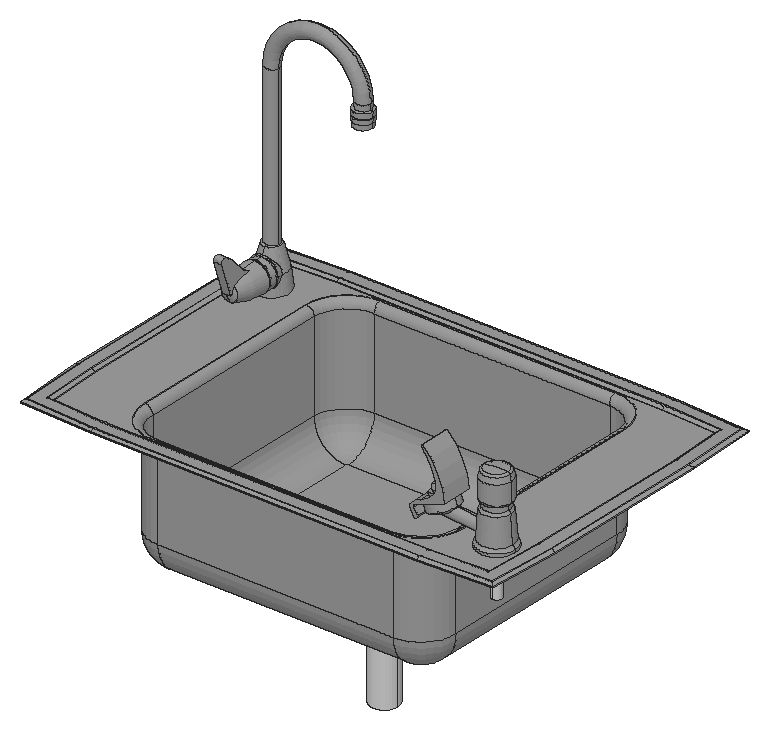
Revit family "equip-sink-clsrm-elkay-s-celebrity-cdkrad2517-vrc", category Plumbing Fixtures, Revit 2019 (continued)
Definition of nested family "equip-faucet-elkay-LKD208513-L"
  Automatic sketch dimensions
    curve 14 to curve 5 = 0' - 0"
    curve 5 to curve 13 = 0' - 0 3/4"
    curve 4 to curve 13 = 0' - 0"
    Sweep 1 sketch curve to plane 1 "Center (Front/Back)" = 0' - 0"
    Sweep 1 sketch curve to Sweep 1 sketch curve = 0' - 2 3/8"
    plane 5 "Masking Region" to Sweep 1 sketch curve = 0' - 0 7/8"
    plane 5 "Masking Region" to Sweep 1 sketch curve = 0' - 8.3441"
    Sweep 1 sketch curve to Sweep 1 sketch curve = 0' - 0.78036"
    Sweep 1 sketch curve to plane 3 "Center (Left/Right)" = 0' - 0"
    Sweep 1 sketch curve to profile plane = 0' - 0"
    Revolve 2 sketch curve to Revolve 2 sketch curve = 0' - 0"  (x3)
    Revolve 2 sketch curve to level = 0' - 0"  (x2)
    Revolve 2 sketch curve to plane 3 "Center (Left/Right)" = 0' - 0"  (x2)
    Revolve 2 sketch curve to level = 0' - 0.23614"
    Revolve 2 sketch curve to plane 3 "Center (Left/Right)" = 0' - 6.12077"
    plane 3 "Center (Left/Right)" to Revolve 2 sketch curve = 0' - 0.29525"
    Revolve 2 sketch curve to Revolve 2 sketch curve = 0' - 0.17375"
    Revolve 2 sketch curve to plane 5 "Masking Region" = 0' - 0.28404"
    plane 3 "Center (Left/Right)" to Revolve 2 sketch curve = 0' - 0.77524"
    Revolve 2 sketch curve to Revolve 2 sketch curve = 0' - 0.107"
    Revolve 3 sketch curve to Revolve 3 sketch curve = 0' - 0.01732"
    Revolve 3 sketch curve to Revolve 3 sketch curve = 0' - 0"  (x3)
    Revolve 3 sketch curve to Revolve 3 sketch curve = 0' - 0.0035"
    Revolve 3 sketch curve to Revolve 3 sketch curve = 0' - 0.03176"
    Revolve 3 sketch curve to Revolve 3 sketch curve = 0' - 0.085"
    Revolve 3 sketch curve to Revolve 3 sketch curve = 0' - 0.22789"
    Revolve 3 sketch curve to Revolve 3 sketch curve = 0' - 0.30543"
    plane 5 "Masking Region" to Revolve 3 sketch curve = 0' - 8.01525"
    Revolve 3 sketch curve to Revolve 3 sketch curve = 0' - 0.265"
    Revolve 3 sketch curve to Revolve 3 sketch curve = 0' - 0.185"
    Revolve 3 sketch curve to Revolve 3 sketch curve = 0' - 0.05968"
    Revolve 3 sketch curve to Revolve 3 sketch curve = 0' - 0.096"
    Revolve 3 sketch curve to Revolve 3 sketch curve = 0' - 0.23"
    Revolve 3 sketch curve to Revolve 3 sketch curve = 0' - 0.14661"
    Masking region 1 sketch curve to plane 3 "Center (Left/Right)" = 0' - 0"
    Masking region 1 sketch curve to plane 1 "Center (Front/Back)" = 0' - 0.00168"
    plane 3 "Center (Left/Right)" to Masking region 1 sketch curve = 0' - 0"
    plane 1 "Center (Front/Back)" to Masking region 1 sketch curve = 0' - 0.00168"
    plane 1 "Center (Front/Back)" to Masking region 2 sketch curve = 0' - 0"
    plane 1 "Center (Front/Back)" to curve 9 = 0' - 0"
    curve 9 to plane 3 "Center (Left/Right)" = 0' - 0"
    plane 6 "CL Back Conn" to curve 20 = 0' - 0.27501"
    curve 20 to curve 19 = 0' - 0"  (x2)
    plane 6 "CL Back Conn" to curve 21 = 0' - 0.39804"
    curve 21 to curve 21 = 0' - 0.14744"
    curve 9 to plane 7 "CL Front Conn" = 0' - 0.0783"  (x2)
    curve 19 to plane 7 "CL Front Conn" = 0' - 0.27499"
    curve 9 to curve 18 = 0' - 0.31973"
    curve 18 to curve 18 = 0' - 0.14744"
    curve 9 to plane 3 "Center (Left/Right)" = 0' - 0 3/8"
    curve 18 to curve 9 = 0' - 0.20061"
    curve 21 to plane 3 "Center (Left/Right)" = 0' - 0.57561"
    curve 19 to curve 18 = 0' - 0.44464"
    curve 20 to curve 19 = 0' - 0.11475"
    Masking region 3 sketch curve to plane 3 "Center (Left/Right)" = 0' - 1.06891"  (x2)
    Masking region 3 sketch curve to Masking region 3 sketch curve = 0' - 0.01748"
    Masking region 3 sketch curve to Masking region 3 sketch curve = 0' - 0.02693"
    Masking region 3 sketch curve to Masking region 3 sketch curve = 0' - 0.06211"  (x2)
    Masking region 3 sketch curve to Masking region 3 sketch curve = 0' - 0.01698"  (x2)
    Masking region 3 sketch curve to Masking region 3 sketch curve = 0' - 0.22302"  (x2)
    plane 6 "CL Back Conn" to Masking region 3 sketch curve = 0' - 0.18897"
    Masking region 3 sketch curve to plane 6 "CL Back Conn" = 0' - 0 11/256"
    plane 1 "Center (Front/Back)" to Masking region 3 sketch curve = 0' - 0.00066"
    plane 7 "CL Front Conn" to Masking region 3 sketch curve = 0' - 0 11/256"
    Masking region 3 sketch curve to plane 7 "CL Front Conn" = 0' - 0.18896"
    Masking region 3 sketch curve to plane 7 "CL Front Conn" = 0' - 0.27499"
    Masking region 3 sketch curve to Masking region 3 sketch curve = 0' - 0.01801"
    Masking region 3 sketch curve to Masking region 3 sketch curve = 0' - 0.04464"
    Masking region 3 sketch curve to plane 3 "Center (Left/Right)" = 0' - 1.135"
    Masking region 3 sketch curve to Masking region 3 sketch curve = 0' - 0"
    Masking region 3 sketch curve to Masking region 3 sketch curve = 0' - 0.1075"
    Masking region 3 sketch curve to Masking region 3 sketch curve = 0' - 0.11475"  (x2)
    Masking region 3 sketch curve to Masking region 3 sketch curve = 0' - 0.3843"  (x2)
    Masking region 3 sketch curve to Masking region 3 sketch curve = 0' - 0.00045"  (x2)
    Masking region 3 sketch curve to Masking region 3 sketch curve = 0' - 0.17658"
    Masking region 3 sketch curve to Masking region 3 sketch curve = 0' - 0.17856"
    Masking region 4 sketch curve to plane 6 "CL Back Conn" = 0' - 0 11/256"
    plane 7 "CL Front Conn" to Masking region 4 sketch curve = 0' - 0 11/256"
    Masking region 4 sketch curve to plane 3 "Center (Left/Right)" = 0' - 3.51977"
    Masking region 4 sketch curve to plane 3 "Center (Left/Right)" = 0' - 1.40178"
    Masking region 3 sketch curve to plane 1 "Center (Front/Back)" = 0' - 0.525"
    Masking region 3 sketch curve to Masking region 3 sketch curve = 0' - 0.00281"  (x2)
    Masking region 3 sketch curve to Masking region 3 sketch curve = 0' - 2.94083"  (x2)
    Sweep 1 sketch curve to plane 7 "CL Front Conn" = 0' - 2 1/8"
    Revolve 3 sketch curve to plane 7 "CL Front Conn" = 0' - 5.03331"
    Masking region 1 sketch curve to plane 7 "CL Front Conn" = 0' - 0.542"
    Masking region 1 sketch curve to plane 3 "Center (Left/Right)" = 0' - 0.37029"
    Revolve 8 sketch curve to plane 3 "Center (Left/Right)" = 0' - 0"
    Revolve 8 sketch curve to plane 3 "Center (Left/Right)" = 0' - 0.5805"
    Revolve 8 sketch curve to Revolve 8 sketch curve = 0' - 0.07864"
    Revolve 8 sketch curve to Revolve 8 sketch curve = 0' - 0.08014"
    Revolve 8 sketch curve to Revolve 8 sketch curve = 0' - 0"
    Revolve 8 sketch curve to plane 3 "Center (Left/Right)" = 0' - 0.77227"
    Revolve 8 sketch curve to Revolve 8 sketch curve = 0' - 0.35961"
    Revolve 8 sketch curve to plane 5 "Masking Region" = 0' - 0 9/32"  (x2)
    plane 11 "Left" to Revolve 8 sketch curve = 0' - 2.89627"
    plane 11 "Left" to Revolve 8 sketch curve = 0' - 1.87602"
    plane 5 "Masking Region" to Revolve 8 sketch curve = 0' - 0.37869"
    Revolve 8 sketch curve to plane 4 "Bottom of Stem" = 0' - 3.15686"
    plane 5 "Masking Region" to Revolve 8 sketch curve = 0' - 0.4665"
    Revolve 6 sketch curve to plane 11 "Left" = 0' - 0.05701"
    Revolve 6 sketch curve to Revolve 6 sketch curve = 0' - 0"  (x2)
    plane 11 "Left" to Revolve 6 sketch curve = 0' - 0.14075"
    plane 5 "Masking Region" to Revolve 6 sketch curve = 0' - 0.24375"
    Revolve 6 sketch curve to plane 3 "Center (Left/Right)" = 0' - 1.135"
    Revolve 6 sketch curve to plane 4 "Bottom of Stem" = 0' - 0.66696"
    Revolve 6 sketch curve to plane 3 "Center (Left/Right)" = 0' - 1.06817"
    Revolve 6 sketch curve to Revolve 6 sketch curve = 0' - 0.11475"  (x2)
    Revolve 6 sketch curve to plane 4 "Bottom of Stem" = 0' - 1.0379"
    Revolve 6 sketch curve to plane 10 "Right" = 0' - 3.90222"
    Revolve 6 sketch curve to plane 5 "Masking Region" = 0' - 0 9/32"
    Extrusion 5 sketch curve to plane 11 "Left" = 0' - 0"
    Extrusion 5 sketch curve to plane 11 "Left" = 0' - 0.13961"
    Extrusion 5 sketch curve to Extrusion 5 sketch curve = 0' - 0.4735"
    Extrusion 5 sketch curve to plane 5 "Masking Region" = 0' - 0 9/32"
    plane 11 "Left" to Extrusion 5 sketch curve = 0' - 0.3035"
    Extrusion 5 sketch curve to Extrusion 5 sketch curve = 0' - 0.43428"
    Extrusion 5 sketch curve to Extrusion 5 sketch curve = 0' - 0.19985"
    Extrusion 5 sketch curve to Extrusion 5 sketch curve = 0' - 0.36517"
    Extrusion 5 sketch curve to Extrusion 5 sketch curve = 0' - 0.2375"
    Extrusion 5 sketch curve to plane 10 "Right" = 0' - 3.90222"
    plane 5 "Masking Region" to Extrusion 5 sketch curve = 0' - 0.37654"
    Extrusion 5 sketch curve to Extrusion 5 sketch curve = 0' - 0.08321"
    Extrusion 5 sketch curve to Extrusion 5 sketch curve = 0' - 0.13034"
    Extrusion 5 sketch curve to Extrusion 5 sketch curve = 0' - 0.07775"
    Extrusion 5 sketch curve to Extrusion 5 sketch curve = 0' - 0.23774"
    Extrusion 5 sketch curve to plane 11 "Left" = 0' - 0.05701"
    Masking region 2 sketch curve to plane 3 "Center (Left/Right)" = 0' - 0"  (x2)
    Masking region 2 sketch curve to plane 3 "Center (Left/Right)" = 0' - 0 3/8"
    Masking region 2 sketch curve to plane 9 "Front" = 0' - 3.55779"
    Masking region 2 sketch curve to Masking region 2 sketch curve = 0' - 0.33541"
    curve 25 to plane 3 "Center (Left/Right)" = 0' - 0"
    curve 25 to curve 25 = 0' - 0 3/8"
    curve 25 to plane 9 "Front" = 0' - 3 229/256"
    curve 24 to curve 24 = 0' - 0.33674"
    curve 25 to curve 26 = 0' - 0.33674"
    radius of Sweep 1 sketch curve = 0' - 0 3/8"
  Connectors (in)
    piping at (0, -0.2500092, -2.12225), diameter 0.375, driven by "Nominal Radius", driven by "HW Flow Rate"
      settings: on Extrusion 4, index 1, connector inside diameter 3/8", connector length 0' - 0", flow factor 0, pipe flow 2 GPM, pressure drop 0.00 psi, fitting loss kfactor 0, connector angle 0.00°, fixture units 0, engagement length 0' - 0", angle of deflection 0.00°, flow configuration 1, flow direction 1, fitting loss method 0, system type 29, joint type 0, gender type 0, connector reference index -1, connector utility 0, adjustable connector no, is connector primary yes, connector description "Hot Water Supply"
    piping at (0, 0.2499908, -2.12225), diameter 0.375, driven by "CW Flow Rate", driven by "Nominal Radius"
      settings: on Extrusion 7, index 2, connector inside diameter 3/8", connector length 0' - 0", flow factor 0, pipe flow 2 GPM, pressure drop 0.00 psi, fitting loss kfactor 0, connector angle 0.00°, fixture units 0, engagement length 0' - 0", angle of deflection 0.00°, flow configuration 1, flow direction 1, fitting loss method 0, system type 29, joint type 0, gender type 0, connector reference index -1, connector utility 0, adjustable connector no, is connector primary no, connector description "Cold Water Supply"
Definition of nested family "equip-bubbler-elkay-LK1141A"
  Parameters
    Stem Material = none
    Nominal Radius = Nominal Dia / 2  # 0' - 0 1/4"
    Nominal Dia = 0' - 0 1/2"
    Default Elevation = 0' - 0"
    CW Flow Rate = 2 GPM
    Bubbler Material = none
  Reference planes (in)
    plane 1 "Center (Front/Back)": y = 0
    plane 2 "Sink Deck": z = 0
    plane 3 "Center (Left/Right)": x = 0
    plane 4 "Top of Stem": z = -1.8338436
    plane 5 "Bottom of Stem": z = -2.396449
    plane 6: y = -0.5313496
    plane 7: y = 0.4090766
    plane 8 "Masking Region": z = 1.25
  Forms (in)
    Revolve 1, solid, material <- "Bubbler Material"
      sketch origin (0, 0, 0) x (0, 1, 0) y (0, 0, 1)
        loop
          arc (0.5914336, 3.612634) -> (0.2965257, 3.6454053) -> (0, 3.6562291) r 4.0007498
          line (0, 3.6562291) -> (0, -0.1593348) -> (0.875164, -0.1593348) -> (0.875164, 0) -> (0.9701818, 0) -> (0.9701818, 0.1251373)
          arc (0.9701818, 0.1251373) -> (0.8853055, 0.2072757) -> (0.8475999, 0.3192087) r 0.2500469
          line (0.8475999, 0.3192087) -> (0.7501405, 1.7129414) -> (0.656373, 1.8753514) -> (0.656373, 2.1759516) -> (0.7076326, 2.1759516)
          arc (0.7076326, 2.1759516) -> (0.751835, 2.1942608) -> (0.7701443, 2.2384633) r 0.0625117
          line (0.7701443, 2.2384633) -> (0.7701443, 3.2363745) -> (0.6938299, 3.5211835)
          arc (0.6938299, 3.5211835) -> (0.6563073, 3.5822212) -> (0.5914336, 3.612634) r 0.1250234
        axis (0, 3.6562291) -> (0, -0.1593348)
      angle from 0 to 360
    Sweep 2, solid, material <- "Bubbler Material"
      path origin (0, 0, 0) x (0, 1, 0) y (0, 0, 1)
        loop
          line (-2.8502562, 0.8440117) -> (-0.5626054, 0.6280675)
      profile origin (0, -1.7064308, 0.7360396) x (0, 0.093978, 0.995574) y (1, 0, 0)
        loop
          circle (0, 0) r 0.3125
    Revolve 3, solid, material <- "Bubbler Material"
      sketch origin (0, 0, 0) x (0, 1, 0) y (0, 0, 1)
        loop
          line (-2.1521723, 1.5437962) -> (-2.4412307, 1.4385875) -> (-2.5464081, 1.7275601) -> (-2.7263375, 1.6620711) -> (-2.7533622, 1.7363208) -> (-2.8858066, 1.925471) -> (-3.0892381, 1.851428) -> (-2.6894923, 0.728533) -> (-2.4188322, 0.7009063) -> (-1.9964574, 1.1159728) -> (-2.1521723, 1.5437962)
        axis (-3.0897506, 1.8528678) -> (-2.6503201, 0.6184976)
      angle from 0 to 360
    Extrusion 4, solid, material <- "Bubbler Material"
      sketch origin (0, 0, 0) x (0, 1, 0) y (0, 0, 1)
        loop
          spline (-2.0645159, 1.5454225) -> (-2.0914575, 1.7681631) -> (-2.1317037, 1.988888) -> (-2.1851098, 2.2068031) -> (-2.2514837, 2.4211246) -> (-2.3305865, 2.6310814) -> (-2.4221338, 2.8359184) -> (-2.5257963, 3.0348987) -> (-2.6412009, 3.2273065) -> (-2.7679327, 3.4124497) -> (-2.9055357, 3.5896623) -> (-3.0535149, 3.7583068) -> (-3.2113381, 3.9177766)
          line (-3.2113381, 3.9177766) -> (-3.2507412, 3.8994028)
          arc (-3.2507412, 3.8994028) -> (-3.2859395, 3.8580672) -> (-3.2776762, 3.8044085) r 0.0652474
          line (-3.2776762, 3.8044085) -> (-3.1864297, 3.6657079) -> (-3.1671955, 3.6392596) -> (-3.146438, 3.6112881) -> (-3.1242823, 3.5819839) -> (-3.1029382, 3.5542257) -> (-2.9435289, 3.3265251) -> (-2.8053182, 3.0812272) -> (-2.6917919, 2.8234271) -> (-2.6373, 2.6712074) -> (-2.5965336, 2.5316473) -> (-2.5655835, 2.40285) -> (-2.5423986, 2.2833308) -> (-2.5366648, 2.2425377) -> (-2.5332039, 2.1987928) -> (-2.5325358, 2.1511599) -> (-2.5354917, 2.0988663) -> (-2.5432371, 2.0412932) -> (-2.6123404, 1.8352346) -> (-2.6620685, 1.7513877) -> (-2.7273571, 1.6680712)
          arc (-2.7273571, 1.6680712) -> (-2.819005, 1.5758208) -> (-2.9296066, 1.5074337) r 0.55487
          line (-2.9296066, 1.5074337) -> (-3.3932885, 1.2912149) -> (-3.5618361, 1.2126197) -> (-3.8924082, 0.9084335)
          spline (-3.8924082, 0.9084335) -> (-3.8985686, 0.9021299) -> (-3.903986, 0.8951774) -> (-3.9085926, 0.887663) -> (-3.9123307, 0.8796809) -> (-3.9151535, 0.871331) -> (-3.9170256, 0.8627179) -> (-3.9179237, 0.8539496) -> (-3.9178363, 0.8451358) -> (-3.9167646, 0.836387) -> (-3.9147221, 0.8278126) -> (-3.9117344, 0.8195202) -> (-3.9078387, 0.8116135)
          line (-3.9078387, 0.8116135) -> (-3.6678021, 0.3862632)
          arc (-3.6678021, 0.3862632) -> (-3.6470836, 0.3693458) -> (-3.6203365, 0.3695683) r 0.0393775
          line (-3.6203365, 0.3695683) -> (-3.5144583, 0.4081048)
          spline (-3.5144583, 0.4081048) -> (-3.5092396, 0.4104463) -> (-3.5044152, 0.4135192) -> (-3.5000869, 0.4172587) -> (-3.496346, 0.4215858) -> (-3.4932715, 0.4264092) -> (-3.4909283, 0.4316272) -> (-3.4893657, 0.4371296) -> (-3.4886167, 0.4428003) -> (-3.4886973, 0.4485198) -> (-3.4896056, 0.4541672) -> (-3.4913224, 0.4596234) -> (-3.4938117, 0.4647734)
          line (-3.4938117, 0.4647734) -> (-3.6833603, 0.8590488)
          spline (-3.6833603, 0.8590488) -> (-3.6881631, 0.8693314) -> (-3.691438, 0.8801977) -> (-3.6931171, 0.8914218) -> (-3.6931654, 0.9027707) -> (-3.691582, 0.9140088) -> (-3.6883997, 0.9249026) -> (-3.6836845, 0.9352259) -> (-3.6775346, 0.9447643) -> (-3.6700774, 0.9533197) -> (-3.661468, 0.9607144) -> (-3.6518851, 0.966795) -> (-3.6415278, 0.971435)
          line (-3.6415278, 0.971435) -> (-2.0645159, 1.5454225)
      from -0.7801168 to 0.7800503
    Extrusion 5, solid, material <- "Stem Material"
      sketch origin (0, 0, 0) x (1, 0, 0) y (0, 1, 0)
        loop
          circle (0, 0) r 0.25
      from -2.396449 to 0
  Cuts and joins
    joined: Revolve 1, Sweep 2
  Lines and regions (in)
    Masking region 1
      outline origin (0, 0, 1.25) x (0, -1, 0) y (1, 0, 0)
        loop
          line (3.9197519, 0.7800503) -> (2.0645159, 0.7800503) -> (2.0645159, 0.3125) -> (0.9184751, 0.3125)
          arc (0.9184751, 0.3125) -> (-0.9701818, 0) -> (0.9184751, -0.3125) r 0.9701818
          line (0.9184751, -0.3125) -> (2.0645159, -0.3125) -> (2.0645159, -0.7801168) -> (3.9197519, -0.7801168) -> (3.9197519, 0.7800503)
    reference lines, not visible
      curve 1: circle (0, 0, -2.396449) r 0.25 normal (0, 0, 1)
    symbolic lines
      curve 2: line (-0.3125, -2.0645159, 1.25) -> (0.3125, -2.0645159, 1.25)
      curve 3: arc (0.3125, -0.9184751, 1.25) -> (0, -0.9701818, 1.25) -> (-0.3125, -0.9184751, 1.25) r 0.9701818
      curve 4: circle (0, 0, 1.25) r 0.7501405 normal (0, 0, 1)
  Dimensions and locks (in)
    level to plane 5 "Bottom of Stem" = 0' - 2.39645"
    locked: plane 8 "Masking Region" to plane 2 "Sink Deck" at 1.25
    "Nominal Radius": radius of curve 1
    aligned and locked: Extrusion 5 sketch curve to curve 1
    aligned and locked: Extrusion 5 to plane 5 "Bottom of Stem"
    aligned and locked: level to Extrusion 5
  Automatic sketch dimensions
    plane 1 "Center (Front/Back)" to curve 1 = 0' - 0"
    curve 1 to plane 3 "Center (Left/Right)" = 0' - 0"
    Sweep 2 sketch curve to plane 3 "Center (Left/Right)" = 0' - 0"
    Sweep 2 sketch curve to profile plane = 0' - 0"
    curve 3 to curve 4 = 0' - 0"  (x2)
    plane 1 "Center (Front/Back)" to curve 3 = 0' - 0"
    curve 3 to plane 3 "Center (Left/Right)" = 0' - 0"
    curve 3 to plane 6 = 0' - 0.38713"
    curve 3 to plane 3 "Center (Left/Right)" = 0' - 0 5/16"
    curve 3 to curve 3 = 0' - 0"
    plane 3 "Center (Left/Right)" to curve 2 = 0' - 0 5/16"
    curve 3 to curve 2 = 0' - 1.14604"
    curve 2 to plane 3 "Center (Left/Right)" = 0' - 0 5/16"
    plane 1 "Center (Front/Back)" to Masking region 1 sketch curve = 0' - 0"
    Masking region 1 sketch curve to plane 3 "Center (Left/Right)" = 0' - 0"
    Masking region 1 sketch curve to plane 6 = 0' - 0.38713"
    plane 3 "Center (Left/Right)" to Masking region 1 sketch curve = 0' - 0 5/16"
    Masking region 1 sketch curve to Masking region 1 sketch curve = 0' - 0"  (x2)
    Masking region 1 sketch curve to Masking region 1 sketch curve = 0' - 1.14604"
    plane 3 "Center (Left/Right)" to Masking region 1 sketch curve = 0' - 0.78005"
    Masking region 1 sketch curve to Masking region 1 sketch curve = 0' - 1.85524"
    Masking region 1 sketch curve to Masking region 1 sketch curve = 0' - 0.46762"
    Revolve 1 sketch curve to plane 1 "Center (Front/Back)" = 0' - 0"  (x2)
    Revolve 1 sketch curve to level = 0' - 0"
    Revolve 1 sketch curve to plane 1 "Center (Front/Back)" = 0' - 0.00242"
    plane 7 to Revolve 1 sketch curve = 0' - 0.16395"
    Revolve 1 sketch curve to Revolve 1 sketch curve = 0' - 0.01841"
    Revolve 1 sketch curve to Revolve 1 sketch curve = 0' - 0"  (x3)
    plane 7 to Revolve 1 sketch curve = 0' - 0.2473"
    Revolve 1 sketch curve to Revolve 1 sketch curve = 0' - 0.1208"
    Revolve 1 sketch curve to Revolve 1 sketch curve = 0' - 0.05126"
    Revolve 1 sketch curve to Revolve 1 sketch curve = 0' - 0 3/32"
    Revolve 1 sketch curve to Revolve 1 sketch curve = 0' - 0 1/16"
    plane 7 to Revolve 1 sketch curve = 0' - 0.43852"
    Revolve 1 sketch curve to level = 0' - 0.15933"
    plane 7 to Revolve 1 sketch curve = 0' - 0.46609"
    Revolve 1 sketch curve to Revolve 1 sketch curve = 0' - 0.09502"
    Revolve 1 sketch curve to Revolve 1 sketch curve = 0' - 0.24911"
    Revolve 1 sketch curve to Revolve 1 sketch curve = 0' - 0.18519"
    level to Revolve 1 sketch curve = 0' - 0.12514"
    Revolve 1 sketch curve to Revolve 1 sketch curve = 0' - 0.19407"
    plane 8 "Masking Region" to Revolve 1 sketch curve = 0' - 0.46294"
    Revolve 1 sketch curve to Revolve 1 sketch curve = 0' - 0.16241"
    Revolve 1 sketch curve to Revolve 1 sketch curve = 0' - 0.3006"
    Revolve 1 sketch curve to Revolve 1 sketch curve = 0' - 0.99791"
    Revolve 1 sketch curve to Revolve 1 sketch curve = 0' - 0.2526"
    Sweep 2 sketch curve to plane 8 "Masking Region" = 0' - 0.40599"
    Sweep 2 sketch curve to plane 6 = 0' - 2.31891"
    Sweep 2 sketch curve to plane 6 = 0' - 0 1/32"
    Sweep 2 sketch curve to plane 8 "Masking Region" = 0' - 0.62193"
    Extrusion 4 sketch curve to plane 8 "Masking Region" = 0' - 0.04221"
    Extrusion 4 sketch curve to plane 6 = 0' - 5.25872"
    Extrusion 4 sketch curve to plane 8 "Masking Region" = 0' - 0.43839"
    Extrusion 4 sketch curve to Extrusion 4 sketch curve = 0' - 1.88223"
    Extrusion 4 sketch curve to plane 8 "Masking Region" = 0' - 0.34157"
    Extrusion 4 sketch curve to Extrusion 4 sketch curve = 0' - 0.01543"
    Extrusion 4 sketch curve to Extrusion 4 sketch curve = 0' - 0.06859"
    Extrusion 4 sketch curve to Extrusion 4 sketch curve = 0' - 0.074"  (x2)
    Extrusion 4 sketch curve to Extrusion 4 sketch curve = 0' - 0.08189"
    level to Extrusion 4 sketch curve = 0' - 0.38626"
    Extrusion 4 sketch curve to Extrusion 4 sketch curve = 0' - 0.01556"
    Extrusion 4 sketch curve to plane 8 "Masking Region" = 0' - 0.27857"
    Extrusion 4 sketch curve to Extrusion 4 sketch curve = 0' - 0.04183"
    Extrusion 4 sketch curve to Extrusion 4 sketch curve = 0' - 0.03378"
    level to Extrusion 4 sketch curve = 0' - 0.36957"
    Extrusion 4 sketch curve to Extrusion 4 sketch curve = 0' - 0.01368"
    Extrusion 4 sketch curve to Extrusion 4 sketch curve = 0' - 0.02694"
    Extrusion 4 sketch curve to plane 8 "Masking Region" = 0' - 0.03738"
    Extrusion 4 sketch curve to Extrusion 4 sketch curve = 0' - 0.07969"
    Extrusion 4 sketch curve to Extrusion 4 sketch curve = 0' - 0.10609"
    level to Extrusion 4 sketch curve = 0' - 0.4081"
    Extrusion 4 sketch curve to Extrusion 4 sketch curve = 0' - 0.01347"
    Extrusion 4 sketch curve to Extrusion 4 sketch curve = 0' - 0.03411"
    Extrusion 4 sketch curve to Extrusion 4 sketch curve = 0' - 0.00289"
    plane 8 "Masking Region" to Extrusion 4 sketch curve = 0' - 0.04121"
    Extrusion 4 sketch curve to Extrusion 4 sketch curve = 0' - 0.16855"
    Extrusion 4 sketch curve to Extrusion 4 sketch curve = 0' - 0.11561"
    Extrusion 4 sketch curve to Extrusion 4 sketch curve = 0' - 0.02693"
    Extrusion 4 sketch curve to Extrusion 4 sketch curve = 0' - 0.05451"
    Extrusion 4 sketch curve to Extrusion 4 sketch curve = 0' - 0.0394"
    Extrusion 4 sketch curve to Extrusion 4 sketch curve = 0' - 0.09125"
    Extrusion 4 sketch curve to Extrusion 4 sketch curve = 0' - 0.01923"
    Extrusion 4 sketch curve to Extrusion 4 sketch curve = 0' - 0.22918"
    Extrusion 4 sketch curve to Extrusion 4 sketch curve = 0' - 0.02076"
    Extrusion 4 sketch curve to Extrusion 4 sketch curve = 0' - 0.02216"
    Extrusion 4 sketch curve to Extrusion 4 sketch curve = 0' - 0.02134"
    Extrusion 4 sketch curve to Extrusion 4 sketch curve = 0' - 0.15941"
    plane 8 "Masking Region" to Extrusion 4 sketch curve = 0' - 0.25743"
    Extrusion 4 sketch curve to Extrusion 4 sketch curve = 0' - 0.46368"
    Extrusion 4 sketch curve to Extrusion 4 sketch curve = 0' - 0.13821"
    Extrusion 4 sketch curve to Extrusion 4 sketch curve = 0' - 0.20225"
    Extrusion 4 sketch curve to Extrusion 4 sketch curve = 0' - 0.11353"
    plane 8 "Masking Region" to Extrusion 4 sketch curve = 0' - 0.50139"
    Extrusion 4 sketch curve to Extrusion 4 sketch curve = 0' - 0.06529"
    Extrusion 4 sketch curve to Extrusion 4 sketch curve = 0' - 0.05449"
    plane 8 "Masking Region" to Extrusion 4 sketch curve = 0' - 0.58523"
    Extrusion 4 sketch curve to Extrusion 4 sketch curve = 0' - 0.04973"
    Extrusion 4 sketch curve to Extrusion 4 sketch curve = 0' - 0.04077"
    Extrusion 4 sketch curve to Extrusion 4 sketch curve = 0' - 0.03095"
    plane 8 "Masking Region" to Extrusion 4 sketch curve = 0' - 0.79129"
    Extrusion 4 sketch curve to Extrusion 4 sketch curve = 0' - 0.0691"
    Extrusion 4 sketch curve to Extrusion 4 sketch curve = 0' - 0.02318"
    plane 8 "Masking Region" to Extrusion 4 sketch curve = 0' - 0.99254"
    Extrusion 4 sketch curve to Extrusion 4 sketch curve = 0' - 0.00573"
    plane 8 "Masking Region" to Extrusion 4 sketch curve = 0' - 0.84887"
    Extrusion 4 sketch curve to Extrusion 4 sketch curve = 0' - 0.00775"
    plane 8 "Masking Region" to Extrusion 4 sketch curve = 0' - 0.94879"
    Extrusion 4 sketch curve to Extrusion 4 sketch curve = 0' - 0.00346"
    plane 8 "Masking Region" to Extrusion 4 sketch curve = 0' - 0.90116"
    Extrusion 4 sketch curve to Extrusion 4 sketch curve = 0' - 0.00067"
    plane 8 "Masking Region" to Extrusion 4 sketch curve = 0' - 0.29542"
    Extrusion 4 sketch curve to Extrusion 4 sketch curve = 0' - 0.54782"
    Extrusion 4 sketch curve to Extrusion 4 sketch curve = 0' - 0.037"
    Extrusion 4 sketch curve to Extrusion 4 sketch curve = 0' - 0.01821"
    Extrusion 4 sketch curve to Extrusion 4 sketch curve = 0' - 0.08332"
    Extrusion 4 sketch curve to Extrusion 4 sketch curve = 0' - 0.04079"
    Extrusion 4 sketch curve to Extrusion 4 sketch curve = 0' - 0.11952"
    Extrusion 4 sketch curve to Extrusion 4 sketch curve = 0' - 0.1288"
    Extrusion 4 sketch curve to Extrusion 4 sketch curve = 0' - 0.13956"
    Extrusion 4 sketch curve to Extrusion 4 sketch curve = 0' - 0.15222"
    Extrusion 4 sketch curve to Extrusion 4 sketch curve = 0' - 0 33/128"
    Extrusion 4 sketch curve to Extrusion 4 sketch curve = 0' - 0.2453"
    Extrusion 4 sketch curve to Extrusion 4 sketch curve = 0' - 0.2277"
    Extrusion 4 sketch curve to Extrusion 4 sketch curve = 0' - 0.02776"
    Extrusion 4 sketch curve to Extrusion 4 sketch curve = 0' - 0.0293"
    Extrusion 4 sketch curve to Extrusion 4 sketch curve = 0' - 0.02797"
    Extrusion 4 sketch curve to Extrusion 4 sketch curve = 0' - 0.02645"
    Extrusion 4 sketch curve to Extrusion 4 sketch curve = 0' - 0.1387"
    Extrusion 4 sketch curve to Extrusion 4 sketch curve = 0' - 0.03586"
    Extrusion 4 sketch curve to Extrusion 4 sketch curve = 0' - 0.01837"
    plane 8 "Masking Region" to Revolve 3 sketch curve = 0' - 0.60143"
    Revolve 3 sketch curve to plane 6 = 0' - 2.55789"
    plane 8 "Masking Region" to Revolve 3 sketch curve = 0' - 0.67547"
    Revolve 3 sketch curve to Revolve 3 sketch curve = 0' - 0.20343"
    plane 8 "Masking Region" to Revolve 3 sketch curve = 0' - 0.00034"
    Revolve 3 sketch curve to Revolve 3 sketch curve = 0' - 0.21399"
    plane 8 "Masking Region" to Revolve 3 sketch curve = 0' - 0.48632"
    Revolve 3 sketch curve to Revolve 3 sketch curve = 0' - 0.13244"
    Revolve 3 sketch curve to plane 8 "Masking Region" = 0' - 0.41205"
    Revolve 3 sketch curve to Revolve 3 sketch curve = 0' - 0.14681"
    plane 8 "Masking Region" to Revolve 3 sketch curve = 0' - 0.41207"
    Revolve 3 sketch curve to Revolve 3 sketch curve = 0' - 0.02702"
    Revolve 3 sketch curve to plane 8 "Masking Region" = 0' - 0.52147"
    Revolve 3 sketch curve to Revolve 3 sketch curve = 0' - 0.03895"
    plane 8 "Masking Region" to Revolve 3 sketch curve = 0' - 0.47756"
    plane 8 "Masking Region" to Revolve 3 sketch curve = 0' - 0.18859"
    Revolve 3 sketch curve to plane 8 "Masking Region" = 0' - 0.54909"
    Revolve 3 sketch curve to Revolve 3 sketch curve = 0' - 0.27066"
    plane 8 "Masking Region" to Revolve 3 sketch curve = 0' - 0.2938"
    Revolve 3 sketch curve to plane 8 "Masking Region" = 0' - 0.13403"
    Revolve 3 sketch curve to Revolve 3 sketch curve = 0' - 0.15571"
    radius of Sweep 2 sketch curve = 0' - 0 5/16"
    radius of curve 4 = 0' - 0.75014"
  Connectors (in)
    piping at (0, 0, -2.396449), diameter 0.5, driven by "Nominal Radius", driven by "CW Flow Rate"
      settings: on Extrusion 5, index 1, connector inside diameter 1/2", connector length 0' - 0", flow factor 0, pipe flow 2 GPM, pressure drop 0.00 psi, fitting loss kfactor 0, connector angle 0.00°, fixture units 0, engagement length 0' - 0", angle of deflection 0.00°, flow configuration 1, flow direction 1, fitting loss method 0, system type 29, joint type 0, gender type 0, connector reference index -1, connector utility 0, adjustable connector no, is connector primary yes, connector description "Cold Water Supply"
Definition of nested family "equip-drain-elkay-LKVR18"
  Parameters
    Type Comments = ""
    Stem Material = none
    OmniClass Title = "Drains (Wastes)"
    OmniClass Code = "23.45.55.21"
    Model = "LKVR18"
    MasterFormat Title = "Plumbing"
    MasterFormat Number = "22 00 00"
    Manufacturer = "Elkay"
    Keynote = ""
    Drain Material = none
    Description = ""
    Default Elevation = 0' - 0"
    Cost = 0
    Assembly Code = "D2030400"
  Reference planes (in)
    plane 1 "Center (Front/Back)": y = 0
    plane 2 "Sink Bowl Bottom (Top Face)": z = 0
    plane 3 "Center (Left/Right)": x = 0
    plane 4 "Bottom of Pipe Extension": z = -6.5336009
    plane 5 "Bottom of Drain Basket": z = -0.9151735
    plane 6: y = -2.25
    plane 7: y = 2.25
    plane 8 "bottom of flange": z = -2.47094
  Forms (in)
    Extrusion 1, solid, material <- "Stem Material"
      sketch origin (0, 0, 0) x (1, 0, 0) y (0, 1, 0)
        loop
          circle (0, 0) r 0.71875
      from -6.5336009 to -2.47094
    Revolve 2, solid, material <- "Drain Material"
      sketch origin (-0.1792555, 0, 1.2308083) x (1, 0, 0) y (0, 0, 1)
        loop
          line (2.4292555, -1.2308083) -> (1.7338328, -1.2308083)
          arc (1.7338328, -1.2308083) -> (1.6523848, -1.2691946) -> (1.6192555, -1.3529187) r 0.122358
          line (1.6192555, -1.3529187) -> (1.6192555, -1.6208083)
          arc (1.6192555, -1.6208083) -> (1.5826438, -1.7091966) -> (1.4942555, -1.7458083) r 0.125
          line (1.4942555, -1.7458083) -> (1.1114716, -1.7458083)
          arc (1.1114716, -1.7458083) -> (0.9826253, -1.7991782) -> (0.9292555, -1.9280244) r 0.1822161
          line (0.9292555, -1.9280244) -> (0.9292555, -3.7017483) -> (1.0292555, -3.7017483) -> (1.0292555, -2.1798839) -> (1.3938284, -2.1798839)
          arc (1.3938284, -2.1798839) -> (1.5040476, -2.1542758) -> (1.5916868, -2.0826977) r 0.25
          line (1.5916868, -2.0826977) -> (1.8807394, -1.7089979) -> (2.0452407, -1.7089979)
          arc (2.0452407, -1.7089979) -> (2.1112736, -1.6936814) -> (2.1638213, -1.6508599) r 0.15
          line (2.1638213, -1.6508599) -> (2.3711702, -1.3827902) -> (2.3711702, -1.2685638) -> (2.4292555, -1.2308083)
        axis (0.1792555, -1.2308083) -> (0.1792555, -3.7017483)
      angle from 0 to 360
    Revolve 3, solid, material <- "Drain Material"
      sketch origin (-0.1792555, 0, 1.6075098) x (1, 0, 0) y (0, 0, 1)
        loop
          line (0.1792555, -1.6075098) -> (1.6421315, -1.6075098) -> (1.5921315, -1.3575098) -> (0.1792555, -1.3575098) -> (0.1792555, -1.6075098)
        axis (0.1792555, -1.3575098) -> (0.1792555, -1.6075098)
      angle from 0 to 360
  Lines and regions (in)
    Masking region 1
      outline origin (0, 0, 1.25) x (0, -1, 0) y (1, 0, 0)
        loop
          arc (0.7920052, 0.3718698) -> (-0.8717634, -0.0008665) -> (0.7927429, -0.3702945) r 0.8734425
          arc (0.7927429, -0.3702945) -> (0.8748039, 0.0008696) -> (0.7920052, 0.3718698) r 0.876483
    Masking region 2
      outline origin (0, 0, 0) x (1, 0, 0) y (0, 1, 0)
        loop
          circle (0, 0) r 2
        loop
          circle (0, 0) r 1.75
        loop
          circle (0, 0) r 0.8717638
        loop
          circle (0, 0) r 0.21875
        loop
          circle (0, 0) r 1.5
  Dimensions and locks (in)
    plane 2 "Sink Bowl Bottom (Top Face)" to plane 4 "Bottom of Pipe Extension" = 0' - 6.5336"
    locked: plane 6 to plane 7 at 4.5
    plane 6 to plane 1 "Center (Front/Back)" to plane 7 = 0' - 2 1/4", 0' - 2 1/4"
    plane 2 "Sink Bowl Bottom (Top Face)" to plane 8 "bottom of flange" = 0' - 2.47094"
    aligned and locked: Extrusion 1 to plane 4 "Bottom of Pipe Extension"
    aligned and locked: plane 8 "bottom of flange" to Extrusion 1
Definition of nested family "plan-detail-faucet-elkay-LKD208513-l"
  Reference planes (in)
    plane 1 "Center (Front/Back)": y = 0
    plane 2: z = 0
    plane 3 "Center (Left/Right)": x = 0
  Lines and regions (in)
    Masking region 1, in view "Ref. Level"
      outline origin (0, 0, 0) x (1, 0, 0) y (0, 1, 0)
        loop
          line (0.375, -0.7905248) -> (0.375, 0)
          arc (0.375, 0) -> (0, 0.375) -> (-0.375, 0) r 0.375
          line (-0.375, 0) -> (-0.375, -0.7905232)
          arc (-0.375, -0.7905232) -> (0.0000035, 0.8717638) -> (0.375, -0.7905248) r 0.8734425
    Masking region 2, in view "Ref. Level"
      outline origin (0, 0, 0) x (1, 0, 0) y (0, 1, 0)
        loop
          line (0.375, -4.7693411) -> (0.375, 0)
          arc (0.375, 0) -> (0, 0.375) -> (-0.375, 0) r 0.375
          line (-0.375, 0) -> (-0.375, -4.7693411)
          arc (-0.375, -4.7693411) -> (0, -5.1443411) -> (0.375, -4.7693411) r 0.375
    Masking region 3, in view "Ref. Level"
      outline origin (0, 0, 0) x (0, 1, 0) y (-1, 0, 0)
        loop
          line (0.2070312, 1.4978714) -> (0.2070312, 2.8012443) -> (-0.2070312, 2.8012443) -> (-0.2070312, 1.4978714) -> (0.2070312, 1.4978714)
    Masking region 4, in view "Ref. Level"
      outline origin (0, 0, 0) x (0, 1, 0) y (-1, 0, 0)
        loop
          line (0.2070312, 1.4017801) -> (0.2070312, 3.5197715) -> (-0.2070312, 3.5197715) -> (-0.2070312, 1.4017801) -> (0.2070312, 1.4017801)
    Masking region 5, in view "Ref. Level"
      outline origin (0, 0, 0) x (0, 1, 0) y (-1, 0, 0)
        loop
          line (0.750137, 1.02025) -> (0.5247903, 1.02025) -> (0.5247903, 1.1349999) -> (0.765, 1.1349999)
          arc (0.765, 1.1349999) -> (0.6767038, 1.9602911) -> (0.4389654, 2.7555157) r 4.5192596
          line (0.4389654, 2.7555157) -> (0.2070312, 2.8630131) -> (0.2070312, 1.4017801) -> (-0.2070313, 1.4017801) -> (-0.2070313, 2.8630131) -> (-0.4389654, 2.7555157)
          arc (-0.4389654, 2.7555157) -> (-0.6767038, 1.9602911) -> (-0.765, 1.1349999) r 4.5192596
          line (-0.765, 1.1349999) -> (-0.5247903, 1.1349999) -> (-0.5247903, 1.02025) -> (-0.750137, 1.02025) -> (-0.7508305, 0.6359481)
          arc (-0.7508305, 0.6359481) -> (-0.7632278, 0.5987129) -> (-0.7954714, 0.5763407) r 0.0621162
          line (-0.7954714, 0.5763407) -> (-0.7709421, 0.4136872)
          arc (-0.7709421, 0.4136872) -> (0.0011012, 0.8734398) -> (0.7702024, 0.4087821) r 0.8734425
          line (0.7702024, 0.4087821) -> (0.7954714, 0.5763407)
          arc (0.7954714, 0.5763407) -> (0.7632278, 0.5987129) -> (0.750137, 0.6359481) r 0.0621162
          line (0.750137, 0.6359481) -> (0.750137, 1.02025)
    detail lines, in view "Ref. Level"
      curve 1: arc (0.375, -0.3323995, 0) -> (0.0000042, 0.4983213, 0) -> (-0.375, -0.3323957, 0) r 0.5
      curve 2: arc (-0.375, -4.7732474, 0) -> (0, -5.1482474, 0) -> (0.375, -4.7732474, 0) r 0.375
      curve 3: arc (-0.375, -4.4325976, 0) -> (0, -5.271116, 0) -> (0.375, -4.4325976, 0) r 0.5031124
      curve 4: line (-1.02025, -0.5247903, 0) -> (-1.02025, 0.5247903, 0)
      curve 5: line (-1.1349999, -0.5247903, 0) -> (-1.1349999, 0.5247903, 0)
      curve 6: line (-0.5763407, -0.7954714, 0) -> (-0.5763407, -0.6579829, 0)
      curve 7: line (-0.5763407, 0.7954714, 0) -> (-0.5763407, 0.6546254, 0)
Definition of nested family "plan-detail-bubbler-elkay-LK1141A"
  Parameters
    Assembly Code = ""
  Reference planes (in)
    plane 1 "Center (Front/Back)": y = 0
    plane 2: z = 0
    plane 3 "Center (Left/Right)": x = 0
  Lines and regions (in)
    Masking region 1, in view "Ref. Level"
      outline origin (0, 0, 0) x (1, 0, 0) y (0, 1, 0)
        loop
          line (0.7800503, -3.9197519) -> (0.7800503, -2.0645159) -> (0.3125, -2.0645159) -> (0.3125, -0.9184751)
          arc (0.3125, -0.9184751) -> (0, 0.9701818) -> (-0.3125, -0.9184751) r 0.9701818
          line (-0.3125, -0.9184751) -> (-0.3125, -2.0645159) -> (-0.7801168, -2.0645159) -> (-0.7801168, -3.9197519) -> (0.7800503, -3.9197519)
    detail lines, in view "Ref. Level"
      curve 1: arc (-0.3125, -0.9184751, 0) -> (0, -0.9701818, 0) -> (0.3125, -0.9184751, 0) r 0.9701818
      curve 2: line (-0.3125, -2.0645159, 0) -> (0.3125, -2.0645159, 0)
      curve 3: circle (0, 0, 0) r 0.75 normal (0, 0, 1)
Types (2): name | Sink Part | Bowl Depth | Model
  CDKR2517VRC | "CDKR2517-2" | 0' - 6 7/8" | "CDKR2517VRC"
  CDKAD2517VRC | "CDKAD2517-2" | 0' - 6 1/2" | "CDKAD2517VRC"
